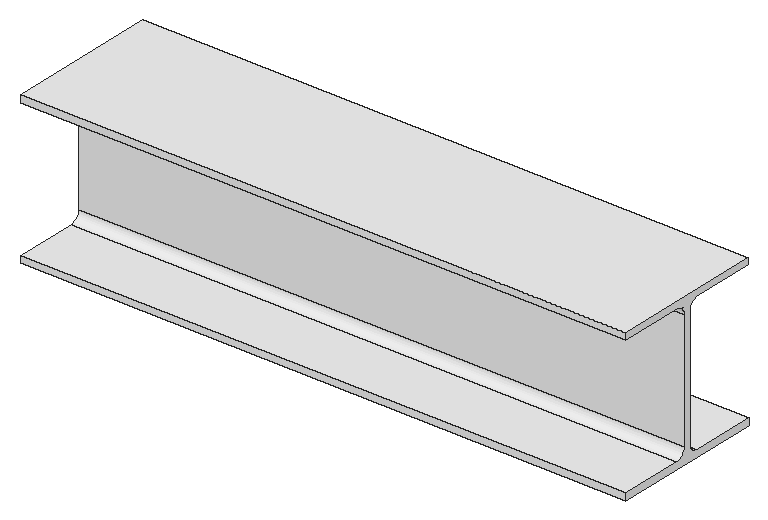
Revit family "M_HP-Pilar de arrimo", category Quadro estrutural, Revit 2019
Family settings
  Arredondamento do comprimento do framing estrutural = 0 mm
  Forma do corte = Não definido
  Material para o comportamento do modelo = Aço
  Exportar sempre como geometria = Não
  Número OmniClass = 23.25.30.11.14.14
  Título OmniClass = Beams
  ID de item do Seek = HP-Bearing Pile-0000-CAN-ENU
  Sempre na vertical = Sim
  Corte com vazios quando carregada = Não
  Representação simbólica = Das configurações de projeto
  Compartilhado = Não
  Exibir o pré-corte da família na vista da planta = Sim
Parameters (values of type "HP310X93")
  W = 0.919
  Structural Material [instance] = Aço, 45-345
  Assembly Code = ""
  Length [instance] = 1524 mm
  bf = 308 mm
  d = 303 mm
  k = 32 mm
  kr = k - tf  # 18.9 mm
  tf = 13.1 mm
  tw = 13.1 mm
  A = 0.012 m²
Reference planes
  plane 1 "Centro (Frente/Trás)": y = 0
  plane 2: z = 0
  plane 3 "Centro (Esquerda/Direita)": x = 4.61
  plane 4 "Membro esquerdo": x = -604.99
  plane 5 "Membro direito": x = 614.21
  plane 6: y = 154
  plane 7: y = -154
  plane 8 "Superior": z = 151.5
  plane 9: z = -151.5
  plane 10 "Direita": x = 766.61
  plane 11 "Esquerda": x = -757.39
Forms (mm)
  Sweep 1, solid, material "Aço, 45-345" <- "Structural Material", detail levels fine
    path origin (0, 0, 0) x (1, 0, 0) y (0, 1, 0)
      loop
        line (614.21, 0) -> (-604.99, 0)
    profile "M_HP-Pilar de arrimo-Perfil-Alto : M_HP-Pilar de arrimo-Perfil-Alto" origin (4.61, 0, 0) x (0, -1, 0) y (0, 0, 1)
      loop
        line (-154, -151.5) -> (154, -151.5) -> (154, -138.4) -> (25.45, -138.4)
        arc (25.45, -138.4) -> (12.086, -132.864) -> (6.55, -119.5) r 18.9
        line (6.55, -119.5) -> (6.55, 119.5)
        arc (6.55, 119.5) -> (12.086, 132.864) -> (25.45, 138.4) r 18.9
        line (25.45, 138.4) -> (154, 138.4) -> (154, 151.5) -> (-154, 151.5) -> (-154, 138.4) -> (-25.45, 138.4)
        arc (-25.45, 138.4) -> (-12.086, 132.864) -> (-6.55, 119.5) r 18.9
        line (-6.55, 119.5) -> (-6.55, -119.5)
        arc (-6.55, -119.5) -> (-12.086, -132.864) -> (-25.45, -138.4) r 18.9
        line (-25.45, -138.4) -> (-154, -138.4) -> (-154, -151.5)
  Sweep 2, solid, material "Aço, 45-345" <- "Structural Material", detail levels medium
    path origin (0, 0, 0) x (1, 0, 0) y (0, 1, 0)
      loop
        line (614.21, 0) -> (-604.99, 0)
    profile "M_HP-Pilar de arrimo-Perfil-Médio : M_HP-Pilar de arrimo-Perfil-Médio" origin (4.61, 0, 0) x (0, -1, 0) y (0, 0, 1)
      loop
        line (-154, -151.5) -> (154, -151.5) -> (154, -138.4) -> (6.55, -138.4) -> (6.55, 138.4) -> (154, 138.4) -> (154, 151.5) -> (-154, 151.5) -> (-154, 138.4) -> (-6.55, 138.4) -> (-6.55, -138.4) -> (-154, -138.4) -> (-154, -151.5)
Lines and regions (mm)
  symbolic lines, style "Faces ocultas", detail levels medium+fine
    curve 1: line (614.21, -6.5, 0) -> (-604.99, -6.5, 0)
    curve 2: line (614.21, 6.5, 0) -> (-604.99, 6.5, 0)
  symbolic lines, style "Símbolos de vara", detail levels coarse
    curve 3: line (4.61, 154, 151.5) -> (4.61, -154, 151.5)
    curve 4: line (4.61, -154, -151.5) -> (4.61, 154, -151.5)
    curve 5: line (4.61, 0, -151.5) -> (4.61, 0, 151.5)
Dimensions and locks
  "bf": plane 6 to plane 7
  "d": plane 9 to plane 8 "Superior"
  equal spacing: plane 9, plane 2, plane 8 "Superior"
  equal spacing: plane 6, plane 1 "Centro (Frente/Trás)", plane 7
  "Length": plane 11 "Esquerda" to plane 10 "Direita"
  aligned and locked: Sweep 1 sketch curve to plane 1 "Centro (Frente/Trás)"
  aligned and locked: Sweep 2 sketch curve to plane 1 "Centro (Frente/Trás)"
  aligned and locked: Sweep 2 to curve 3  (x2)
  aligned and locked: Sweep 2 to curve 4  (x2)
  aligned and locked: curve 3 to Sweep 2
  aligned and locked: curve 4 to Sweep 2
  aligned and locked: plane 4 "Membro esquerdo" to Sweep 2 sketch curve
  aligned and locked: plane 5 "Membro direito" to Sweep 2 sketch curve
  aligned and locked: plane 4 "Membro esquerdo" to Sweep 1 sketch curve
  aligned and locked: plane 5 "Membro direito" to Sweep 1 sketch curve
  aligned and locked: plane 4 "Membro esquerdo" to curve 1
  aligned and locked: plane 4 "Membro esquerdo" to curve 2
  aligned and locked: plane 5 "Membro direito" to curve 1
  aligned and locked: plane 5 "Membro direito" to curve 2
Automatic sketch dimensions
  plane 1 "Centro (Frente/Trás)" to curve 1 = 6.5 mm
  curve 2 to plane 1 "Centro (Frente/Trás)" = 6.5 mm
  curve 5 to plane 1 "Centro (Frente/Trás)" = 0 mm
Types in the file's own list only (10): name | W | bf | d | kr | tf | tw | A
  HP360X174 | 1.71 | 378 mm | 361 mm | 12 mm | 20 mm | 20 mm | 0.02 m²
  HP360X152 | 1.49 | 376 mm | 356 mm | 14 mm | 18 mm | 18 mm | 0.02 m²
  HP360X132 | 1.3 | 373 mm | 351 mm | 16 mm | 16 mm | 16 mm | 0.02 m²
  HP360X108 | 1.07 | 370 mm | 346 mm | 19 mm | 13 mm | 13 mm | 0.01 m²
  HP310X125 | 1.23 | 312 mm | 312 mm | 15 mm | 17 mm | 17 mm | 0.02 m²
  HP310X110 | 1.08 | 310 mm | 308 mm | 17 mm | 15 mm | 15 mm | 0.01 m²
  HP310X79 | 0.773 | 306 mm | 299 mm | 21 mm | 11 mm | 11 mm | 0.01 m²
  HP250X85 | 0.832 | 260 mm | 254 mm | 18 mm | 14 mm | 14 mm | 0.01 m²
  HP250X62 | 0.613 | 256 mm | 246 mm | 22 mm | 11 mm | 11 mm | 0.01 m²
  HP200X53 | 0.525 | 207 mm | 204 mm | 21 mm | 11 mm | 11 mm | 0.01 m²
